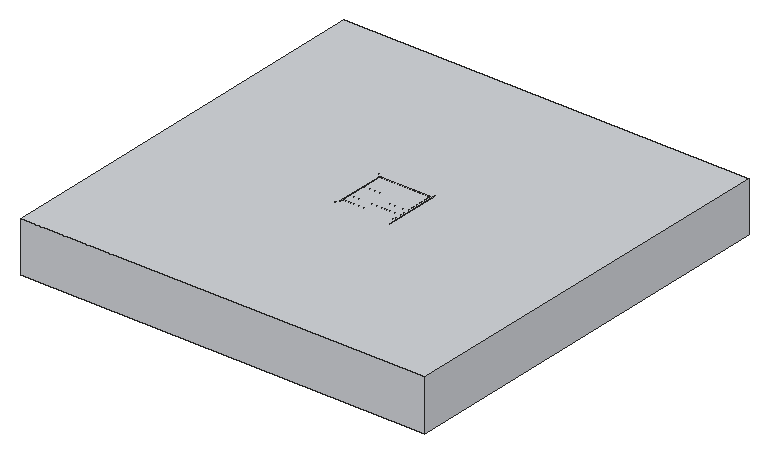
Revit family "M_Gelosia - Extrudada", category Terminais de ar, Revit 2019
Family settings
  Hospedeiro = Face
  Cota do conector redondo = Utilizar diâmetro
  Tipo de parte = Normal
  Número OmniClass = 23.30.60.11.17
  Título OmniClass = Exterior Louvers and Grilles
  ID de item do Seek = Louver - Extruded-0000-CAN-ENU
  Corte com vazios quando carregada = Não
  Compartilhado = Não
  Ponto de cálculo do ambiente = Não
Parameters (values of type "Padrão")
  Queda de pressão [instance] = 45.0 Pa
  Número [instance] = 4
  Largura da chaminé [instance] = Largura do duto + 38.1 mm  # 338.1 mm
  Material da chaminé = none
  Comprimento da chaminé [instance] = 101.6 mm
  Altura da chaminé [instance] = Altura do duto + 38.1 mm  # 338.1 mm
  Comprimento 1 [instance] = Comprimento da chaminé - 12.7 mm  # 88.9 mm
  Largura do duto [instance] = 300 mm
  Altura do duto [instance] = 300 mm
  Elevação-padrão = 1200 mm
  Fluxo [instance] = 4.6736 m/s * Altura do duto * Largura do duto  # 420.624 L/s
Reference planes
  plane 1 "Centro (Frente/Trás)": y = 0
  plane 2: z = 0
  plane 3 "Centro (Esquerda/Direita)": x = 0
  plane 4: z = -101.6
  plane 5: z = -3.175
  plane 6: z = -98.425
  plane 7: z = -50.8
  plane 8: x = -150
  plane 9: x = 150
  plane 10: x = -169.05
  plane 11: x = 169.05
  plane 12: y = 150
  plane 13: y = -150
  plane 14: y = 169.05
  plane 15: y = -169.05
  plane 16: y = -80.15
  plane 17: y = 80.15
Forms (mm)
  Extrusion 1, solid
    sketch origin (0, 0, 0) x (1, 0, 0) y (0, 1, 0)
      loop
        line (-1219.2, 1219.2) -> (-1219.2, -1219.2) -> (1219.2, -1219.2) -> (1219.2, 1219.2) -> (-1219.2, 1219.2)
    from 0 to -304.8
  Extrusion 2, solid, material <- "Material da chaminé"
    sketch origin (0, 0, 0) x (1, 0, 0) y (0, 1, 0)
      loop
        line (-169.05, 169.05) -> (-169.05, -169.05) -> (169.05, -169.05) -> (169.05, 169.05) -> (-169.05, 169.05)
      loop
        line (-150, 150) -> (-150, -150) -> (150, -150) -> (150, 150) -> (-150, 150)
    from -3.175 to 0
  Extrusion 3, solid, material <- "Material da chaminé"
    sketch origin (0, 0, 0) x (1, 0, 0) y (0, 1, 0)
      loop
        line (-169.05, 169.05) -> (-169.05, -169.05) -> (169.05, -169.05) -> (169.05, 169.05) -> (-169.05, 169.05)
      loop
        line (-150, 150) -> (-150, -150) -> (150, -150) -> (150, 150) -> (-150, 150)
    from -101.6 to -98.425
  Extrusion 4, solid, material <- "Material da chaminé"
    sketch origin (0, 0, 0) x (1, 0, 0) y (0, 1, 0)
      loop
        line (-150, 150) -> (-150, -150) -> (150, -150) -> (150, 150) -> (-150, 150)
      loop
        line (-153.175, 153.175) -> (-153.175, -153.175) -> (153.175, -153.175) -> (153.175, 153.175) -> (-153.175, 153.175)
    from -98.425 to -3.175
Dimensions and locks
  equal spacing: plane 8, plane 3 "Centro (Esquerda/Direita)", plane 9
  "Largura do duto": plane 8 to plane 9
  equal spacing: plane 10, plane 3 "Centro (Esquerda/Direita)", plane 11
  "Largura da chaminé": plane 10 to plane 11
  equal spacing: plane 13, plane 1 "Centro (Frente/Trás)", plane 12
  "Altura do duto": plane 13 to plane 12
  equal spacing: plane 15, plane 1 "Centro (Frente/Trás)", plane 14
  "Altura da chaminé": plane 15 to plane 14
  locked: plane 2 to plane 5 at 3.175
  locked: plane 6 to plane 4 at 3.175
  "Comprimento da chaminé": plane 2 to plane 4
  equal spacing: plane 5, plane 7, plane 6
  locked: plane 16 to plane 15 at 88.9
  locked: plane 14 to plane 17 at 88.9
  equal spacing: group 1, group 3, group 4, group 2  (x3)
  aligned and locked: plane 2 to Extrusion 1
  aligned and locked: level to Extrusion 1
  aligned and locked: plane 10 to Extrusion 2 sketch curve
  aligned and locked: Extrusion 2 sketch curve to plane 14
  aligned and locked: plane 15 to Extrusion 2 sketch curve
  aligned and locked: plane 11 to Extrusion 2 sketch curve
  aligned and locked: plane 8 to Extrusion 2 sketch curve
  aligned and locked: Extrusion 2 sketch curve to plane 12
  aligned and locked: plane 13 to Extrusion 2 sketch curve
  aligned and locked: plane 9 to Extrusion 2 sketch curve
  aligned and locked: Extrusion 2 to plane 5
  aligned and locked: plane 2 to Extrusion 2
  aligned and locked: Extrusion 3 sketch curve to Extrusion 2  (x6)
  aligned and locked: Extrusion 2 to Extrusion 3 sketch curve  (x2)
  aligned and locked: plane 6 to Extrusion 3
  aligned and locked: Extrusion 3 to plane 4
  aligned and locked: plane 8 to Extrusion 4 sketch curve
  aligned and locked: Extrusion 4 sketch curve to Extrusion 2  (x3)
  aligned and locked: plane 5 to Extrusion 4
  aligned and locked: Extrusion 4 to plane 6
  aligned and locked: plane 7 to nested 1
  aligned and locked: plane 16 to nested 1
  aligned and locked: plane 8 to nested 1
  aligned and locked: nested 1 to plane 9
  aligned and locked: plane 7 to nested 2
  aligned and locked: nested 2 to plane 17
Automatic sketch dimensions
  Extrusion 4 sketch curve to plane 8 = 3.175 mm
  Extrusion 4 sketch curve to plane 9 = 3.175 mm
  plane 13 to Extrusion 4 sketch curve = 3.175 mm
  plane 12 to Extrusion 4 sketch curve = 3.175 mm
  Extrusion 1 sketch curve to Extrusion 1 sketch curve = 2438.4 mm  (x2)
Nested families
  nested 1: "M_Chaminé extrudada_Vane" at (0, -80.15, -50.8), type "Padrão"
    with Largura 300 mm
  nested 2: "M_Chaminé extrudada_Vane" at (0, 80.15, -50.8), type "Padrão"
    with Largura 300 mm
  nested 3: "M_Chaminé extrudada_Vane" at (0, -26.717, -50.8), type "Padrão"
    with Largura 300 mm
  nested 4: "M_Chaminé extrudada_Vane" at (0, 26.717, -50.8), type "Padrão"
    with Largura 300 mm
Connectors
  hvac at (0, 0, -101.6), driven by "Altura do duto", driven by "Largura do duto", driven by "Queda de pressão", driven by "Fluxo"
    settings: on Extrusion 3, index 1, duct flow 420.624 L/s, flow factor 0, pres drop 45.0 Pa, loss coef 0, conn angle 0.00°, conn width 300 mm, conn height 300 mm, conn diameter 609.6 mm, duct sys type 2, conn prof type 1, flow config 1, flow direction 2, loss method 4, conn ref index -1, conn util no, is conn primary yes, conn desc ""
Definition of nested family "M_Chaminé extrudada_Vane"
  Parameters
    Largura = 304.8 mm
    Material da palheta = none
    Comprimento = 88.9 mm
    Assembly Code = ""
  Reference planes
    plane 1 "Centro (Frente/Trás)": y = 0
    plane 2: z = 0
    plane 3 "Centro (Esquerda/Direita)": x = 0
    plane 4: y = 50.8
    plane 5: y = -50.8
    plane 6: z = 44.45
    plane 7: z = -44.45
    plane 8: x = -152.4
    plane 9: x = 152.4
  Forms (mm)
    Sweep 1, solid
      path origin (0, 0, 0) x (1, 0, 0) y (0, 1, 0)
        loop
          line (-152.4, 0) -> (152.4, 0)
      profile origin (0, 0, 0) x (0, 1, 0) y (0, 0, 1)
        loop
          line (-50.8, 44.45) -> (-50.8, 34.131) -> (-49.212, 34.131) -> (-49.212, 42.862) -> (-40.481, 42.862) -> (-6.15, 6.198)
          arc (-6.15, 6.198) -> (-6.373, -5.968) -> (5.781, -6.544) r 8.731
          line (5.781, -6.544) -> (41.275, -44.45) -> (50.8, -44.45) -> (50.8, -34.131) -> (49.213, -34.131) -> (49.213, -42.862) -> (42.069, -42.862) -> (5.817, -4.147)
          arc (5.817, -4.147) -> (-5.215, -4.883) -> (-3.756, 6.077) r 7.144
          line (-3.756, 6.077) -> (-39.687, 44.45) -> (-50.8, 44.45)
  Dimensions and locks
    equal spacing: plane 4, plane 1 "Centro (Frente/Trás)", plane 5
    locked: plane 4 to plane 5 at 101.6
    equal spacing: plane 7, plane 2, plane 6
    "Comprimento": plane 7 to plane 6
    equal spacing: plane 8, plane 3 "Centro (Esquerda/Direita)", plane 9
    "Largura": plane 8 to plane 9
    locked: Sweep 1 sketch curve to Sweep 1 sketch curve at 1.588  (x4)
    locked: Sweep 1 sketch curve to Sweep 1 sketch curve at 9.525
    locked: Sweep 1 sketch curve to Sweep 1 sketch curve at 11.113
    locked: Sweep 1 sketch curve to Sweep 1 sketch curve at 1.664  (x2)
    radius of Sweep 1 sketch curve = 7.144 mm
    radius of Sweep 1 sketch curve = 8.731 mm
    aligned and locked: plane 1 "Centro (Frente/Trás)" to Sweep 1 sketch curve  (x3)
    aligned and locked: plane 8 to Sweep 1 sketch curve
    aligned and locked: plane 9 to Sweep 1 sketch curve
    aligned and locked: plane 7 to Sweep 1 sketch curve
    aligned and locked: plane 4 to Sweep 1 sketch curve
    aligned and locked: plane 6 to Sweep 1 sketch curve
    aligned and locked: plane 5 to Sweep 1 sketch curve
    aligned and locked: plane 2 to Sweep 1 sketch curve  (x2)
    aligned and locked: Sweep 1 sketch curve to Sweep 1 sketch curve  (x2)
  Automatic sketch dimensions
    Sweep 1 sketch curve to Sweep 1 sketch curve = 8.731 mm  (x2)
